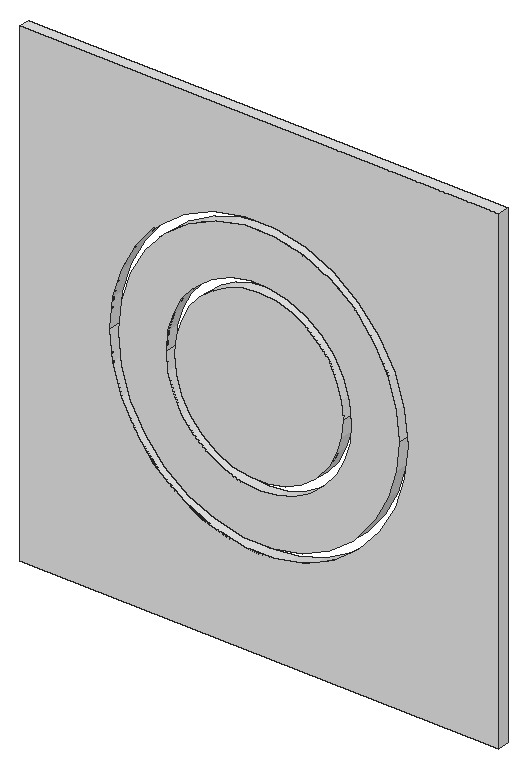
Revit family "MONO TREND_85x85x2", category Plumbing Fixtures, Revit 2018
Family settings
  Round Connector Dimension = Use Diameter
  Part Type = Normal
  OmniClass Number = 23.45.00.00
  OmniClass Title = Sanitary, Laundry, and Cleaning Equipment
  Work Plane-Based = Yes
  Always vertical = Yes
  Cut with Voids When Loaded = No
  Shared = No
  Room Calculation Point = No
Parameters (values of type "Pneumatique_Inox chromé")
  aux [instance] = if(FRAME_OLI, 0.0 mm, 1000.0 mm)  # 1000.0 mm
  URL = "https://www.regiplast.fr/blog/articles/plaques-de-commande/"
  Product data url = "https://www.regiplast.fr/blog/articles/plaques-de-commande/"
  Model = CONTROL_Model  # "MONO TREND"
  Manufacturer = ""
  FRAME_OLI [instance] = no
  Description = CONTROL_Brief description  # "Plaque de commande simple débit. Anti-vandalisme"
  Default Elevation = 1219.2 mm
  CONTROL_Width = 2.0 mm  # constant formula
  CONTROL_Vandal-proof = "Oui"  # constant formula
  CONTROL_Type/function = "Plaque de Commande pour réservoir à encastrer"  # constant formula
  CONTROL_Type of flush = "Simple-Débit"  # constant formula
  Material [instance] = Inox Chromée
  CONTROL_Product data url = "https://www.regiplast.fr/blog/articles/plaques-de-commande/"
  CONTROL_Model code/ref = "1628IC"
  CONTROL_Model Series = "Inox chromé"
  CONTROL_Model = "MONO TREND"  # constant formula
  CONTROL_Material = "Inox chromé"
  CONTROL_Length = 85.0 mm  # constant formula
  CONTROL_Height = 85.0 mm  # constant formula
  CONTROL_Brief description = "Plaque de commande simple débit. Anti-vandalisme"  # constant formula
  CONTROL_Actuation type = "Pneumatique"  # constant formula
  BIM object developer = "www.concepsysbim.com"
Reference planes
  plane 1 "Center (Front/Back)": y = 0
  plane 2: z = 0
  plane 3 "Center (Left/Right)": x = 2.523
  plane 4: y = -2
  plane 5: x = 115
  plane 6: x = 30
  plane 7: z = 1000
  plane 8: z = 957.5
  plane 9: x = -39.977
  plane 10: x = 45.023
Forms (mm)
  Extrusion 1, solid, material "Inox Chromée" <- "Material"
    sketch origin (-115, 4.5, 0.154) x (1, 0, 0) y (0, 0, 1)
      loop
        line (75.023, 1042.346) -> (75.023, 957.346) -> (160.023, 957.346) -> (160.023, 1042.346) -> (75.023, 1042.346)
      loop
        circle (117.523, 999.846) r 26.45
    from 4.5 to 6.5
  Extrusion 2, solid, material "Inox Chromée" <- "Material", not visible
    sketch origin (-115, 0, 0.154) x (1, 0, 0) y (0, 0, 1)
      loop
        line (75.023, 1042.346) -> (75.023, 957.346) -> (160.023, 957.346) -> (160.023, 1042.346) -> (75.023, 1042.346)
      loop
        circle (117.523, 999.846) r 26.45
    from 4.5 to 6.5
  Extrusion 3, solid, material "Inox Chromée" <- "Material"
    sketch origin (0, 0, 0) x (1, 0, 0) y (0, 0, 1)
      loop
        circle (2.523, 1000) r 24.95
      loop
        circle (2.523, 1000) r 16.5
      loop
        circle (2.523, 1000) r 14.965
    from 0 to 2
  Extrusion 4, solid, material "Inox Chromée" <- "Material", not visible
    sketch origin (0, -4.5, 0) x (1, 0, 0) y (0, 0, 1)
      loop
        circle (2.523, 1000) r 24.95
      loop
        circle (2.523, 1000) r 16.5
      loop
        circle (2.523, 1000) r 14.965
    from 0 to 2
Dimensions and locks
  "CONTROL_Width": plane 1 "Center (Front/Back)" to plane 4
  "aux": plane 7 to level
  locked: plane 7 to plane 8 at 42.5
  equal spacing: plane 10, plane 3 "Center (Left/Right)", plane 9
  "CONTROL_Length": plane 10 to plane 9
  aligned and locked: level to plane 2
  aligned and locked: Extrusion 1 to plane 8
  aligned and locked: Extrusion 1 to plane 1 "Center (Front/Back)"
  aligned and locked: Extrusion 1 to Extrusion 3
  aligned and locked: Extrusion 2 to Extrusion 4
Automatic sketch dimensions
  Extrusion 1 sketch curve to Extrusion 1 sketch curve = 42.5 mm  (x4)
  Extrusion 2 sketch curve to Extrusion 2 sketch curve = 42.5 mm  (x4)
  Extrusion 3 sketch curve to Extrusion 3 sketch curve = 0.0 mm  (x10)
  Extrusion 4 sketch curve to Extrusion 4 sketch curve = 0.0 mm  (x10)
  radius of Extrusion 1 sketch curve = 26.45 mm
  radius of Extrusion 2 sketch curve = 26.45 mm
  radius of Extrusion 3 sketch curve = 24.95 mm
  radius of Extrusion 3 sketch curve = 16.5 mm
  radius of Extrusion 3 sketch curve = 14.965 mm
  radius of Extrusion 4 sketch curve = 24.95 mm
  radius of Extrusion 4 sketch curve = 16.5 mm
  radius of Extrusion 4 sketch curve = 14.965 mm
